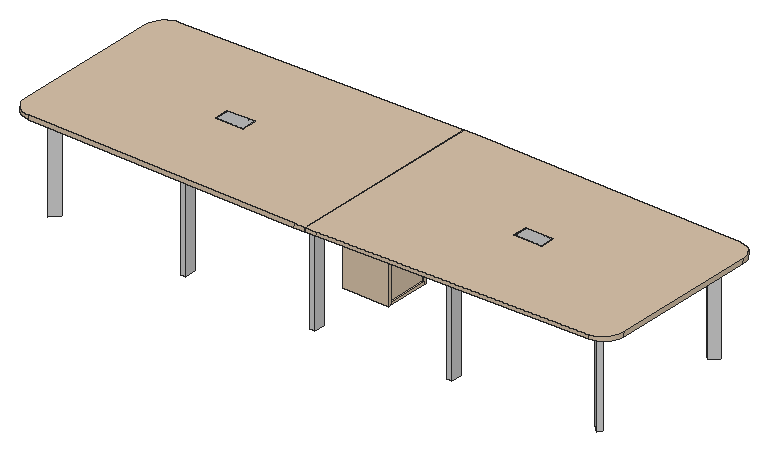
Revit family "Haworth_Planes_ConferenceTable_HexagonTwoPiece", category Furniture Systems, Revit 2018
Family settings
  Round Connector Dimension = Use Diameter
  Part Type = Normal
  OmniClass Number = 23.40.70.14.64.21
  OmniClass Title = Systems Furniture
  Work Plane-Based = No
  Always vertical = Yes
  Cut with Voids When Loaded = No
  Shared = No
  Room Calculation Point = No
Parameters (values of type "180w 60d")
  Worksurface Finish [instance] = Haworth _ Laminate _ Maple H-AE
  Worksurface Edge Finish [instance] = Haworth _ Laminate _ Maple H-AE
  Width = 180"
  Warranty = "http://www.haworth.com/resources/product-info/warranties"
  URL - Product = "http://www.haworth.com/products/tables/conference/planes"
  Sustainability Info = "http://media.haworth.com/asset/5175/Planes%20tables%20PEDS.pdf"
  Support Location_Middle = Actual Width / 4 - 5"  # 40"
  Support Location_Front_Back = 6 11/16"  # constant formula
  Opening Single Wide = no
  Opening Single = not(or(Opening Single Wide, Opening Double, Opening Double Wide))  # yes
  Opening Left/Right = not(Opening Center)  # no
  Opening Double Wide = no
  Opening Double = no
  Opening Center = yes
  No Cable Base = not(Cable Base)  # no
  Model = "TARX"  # constant formula
  Min. Depth = 42"  # constant formula
  Middle Leg_Interior = Actual Width > 144"  # yes
  Max. Depth = 60"  # constant formula
  URL = "www.haworth.com"
  Support Height = Actual Height - Table Thickness  # 27 13/16"
  Size = "Verify Final Dim. w/ Haworth"  # constant formula
  Revision Number = "1"  # constant formula
  Min/Max Width = "126-180 @ 6 in. increments"  # constant formula
  Standard Height = "29 in."  # constant formula
  Min. Width = 126"  # constant formula
  Max. Width = 180"  # constant formula
  Min. Height = 29"  # constant formula
  Max. Height = 29"  # constant formula
  Manufacturer = "Haworth"  # constant formula
  Support Location_Side = 8 1/16"  # constant formula
  Leg Finish [instance] = Haworth _ Metal _ Brushed Aluminum
  Knife Edge = not(Edgeband)  # no
  Half Width = Actual Width / 2  # 90"
  Fliptop Width = Cutout Width + 1/4"  # 8 1/4"
  Fliptop Side Vis. = and(Flip Top, [Opening Left/Right])  # no
  Fliptop Depth = Cutout Depth + 3/8"  # 4 3/8"
  Fliptop Center Vis. = and(Flip Top, Opening Center)  # yes
  Flip Top Finish = Haworth _ Paint _ Metallic Champagne
  Flip Top = yes
  Edgeband = yes
  Description = "Haworth - Planes - Conference Table Hexagon - Two-Piece"  # constant formula
  Depth = 60"
  Cutout Width = if(or(Opening Single Wide, Opening Double Wide), 11", 8")  # 8"
  Cutout Side Offset = Actual Width / 8  # 22 1/2"
  Cutout Depth = if(or(Opening Double, Opening Double Wide), 7 11/16", 4")  # 4"
  Cutout Center Offset = Actual Width / 4  # 45"
  Cutout = yes
  Custom Size = not(and(or(Depth = 42", Depth = 48", Depth = 54", Depth = 60"), or(Width = 126", Width = 132", Width = 138", Width = 144", Width = 150", Width = 156", Width = 162", Width = 168", Width = 174", Width = 180")))  # no
  Cable Base Finish [instance] = Haworth _ Laminate _ Maple H-AE
  Cable Base = yes
  Author = "Haworth (Alias)"  # constant formula
  Assembly Code = "E2020200"
  Actual Width = if(Width > Max. Width, Max. Width, if(Width < Min. Width, Min. Width, Width))  # 180"
  Actual Height = 29"  # constant formula
  Table Thickness = 1 3/16"  # constant formula
  Standard Depths = "42, 48, 54, 60 in."  # constant formula
  Actual Depth = if(Depth > Max. Depth, Max. Depth, if(Depth < Min. Depth, Min. Depth, Depth))  # 60"
Reference planes (in)
  plane 1 "Center F/B": y = -0.15866
  plane 2 "Floor": z = 0
  plane 3 "Center L/R": x = 0
  plane 4 "Table Edge Left": x = -90
  plane 5 "Table Edge Right": x = 90
  plane 6 "Table Edge Back": y = -30.15866
  plane 7 "Table Edge Front": y = 29.84134
  plane 8 "Table Bottom": z = 29
  plane 9 "Left Support Location": x = -81.9375
  plane 10 "Back Support Location": y = 23.15384
  plane 11 "Front Support Location": y = -23.47116
  plane 12 "Right Support Location": x = 81.9375
  plane 13 "Left Middle Support": x = -40
  plane 14 "Right Middle Support": x = 40
  plane 15 "Center Leg Front": y = -27.22116
  plane 16 "Center Leg Back": y = 26.90384
  plane 17 "Middle Leg Front": y = -25.72116
  plane 18 "Middle Leg Back": y = 25.40384
  plane 19 "Fliptop Left 2": x = -22.5
  plane 20 "Fliptop Center 1": x = -45
  plane 21 "Fliptop Left 1": x = -67.5
  plane 22 "Fliptop Right 2": x = 22.5
  plane 23 "Fliptop Center 2": x = 45
  plane 24 "Fliptop Right 1": x = 67.5
Dimensions and locks (in)
  "Actual Depth": plane 7 "Table Edge Front" to plane 6 "Table Edge Back"
  "Actual Width": plane 4 "Table Edge Left" to plane 5 "Table Edge Right"
  equal spacing: plane 4 "Table Edge Left", plane 3 "Center L/R", plane 5 "Table Edge Right"
  equal spacing: plane 7 "Table Edge Front", plane 1 "Center F/B", plane 6 "Table Edge Back"
  "Actual Height": plane 8 "Table Bottom" to level
  "Support Location_Side": plane 4 "Table Edge Left" to plane 9 "Left Support Location"
  "Support Location_Side": plane 12 "Right Support Location" to plane 5 "Table Edge Right"
  "Support Location_Front_Back": plane 7 "Table Edge Front" to plane 10 "Back Support Location"
  "Support Location_Front_Back": plane 11 "Front Support Location" to plane 6 "Table Edge Back"
  "Support Location_Middle": plane 13 "Left Middle Support" to plane 3 "Center L/R"
  "Support Location_Middle": plane 3 "Center L/R" to plane 14 "Right Middle Support"
  locked: plane 15 "Center Leg Front" to plane 6 "Table Edge Back" at 2.9375
  locked: plane 16 "Center Leg Back" to plane 7 "Table Edge Front" at 2.9375
  locked: plane 17 "Middle Leg Front" to plane 6 "Table Edge Back" at 4.4375
  locked: plane 18 "Middle Leg Back" to plane 7 "Table Edge Front" at 4.4375
  "Cutout Side Offset": plane 19 "Fliptop Left 2" to plane 3 "Center L/R"
  "Cutout Side Offset": plane 3 "Center L/R" to plane 22 "Fliptop Right 2"
  "Cutout Side Offset": plane 24 "Fliptop Right 1" to plane 5 "Table Edge Right"
  "Cutout Side Offset": plane 4 "Table Edge Left" to plane 21 "Fliptop Left 1"
  "Cutout Center Offset": plane 20 "Fliptop Center 1" to plane 3 "Center L/R"
  "Cutout Center Offset": plane 3 "Center L/R" to plane 23 "Fliptop Center 2"
  aligned and locked: plane 9 "Left Support Location" to nested 1
  aligned and locked: plane 12 "Right Support Location" to nested 4
  aligned and locked: plane 12 "Right Support Location" to nested 3
  aligned and locked: plane 3 "Center L/R" to nested 5
  aligned and locked: plane 3 "Center L/R" to nested 6
  aligned and locked: nested 9 to plane 14 "Right Middle Support"
  aligned and locked: nested 8 to plane 14 "Right Middle Support"
  aligned and locked: plane 13 "Left Middle Support" to nested 7
  aligned and locked: plane 13 "Left Middle Support" to nested 10
  aligned and locked: plane 3 "Center L/R" to nested 11
  aligned and locked: nested 10 to plane 17 "Middle Leg Front"
  aligned and locked: nested 7 to plane 18 "Middle Leg Back"
  aligned and locked: nested 8 to plane 18 "Middle Leg Back"
  aligned and locked: nested 9 to plane 17 "Middle Leg Front"
  aligned and locked: plane 15 "Center Leg Front" to nested 6
  aligned and locked: nested 5 to plane 16 "Center Leg Back"
  aligned and locked: plane 11 "Front Support Location" to nested 2
  aligned and locked: plane 9 "Left Support Location" to nested 2
  aligned and locked: plane 10 "Back Support Location" to nested 1
  aligned and locked: nested 3 to plane 10 "Back Support Location"
  aligned and locked: nested 4 to plane 11 "Front Support Location"
  aligned and locked: plane 2 "Floor" to nested 12
  aligned and locked: nested 2 to plane 2 "Floor"
  aligned and locked: plane 2 "Floor" to nested 1  (x3)
  aligned and locked: plane 2 "Floor" to nested 2  (x2)
  aligned and locked: plane 2 "Floor" to nested 10  (x2)
  aligned and locked: plane 2 "Floor" to nested 7  (x2)
  aligned and locked: plane 2 "Floor" to nested 5
  aligned and locked: nested 6 to plane 2 "Floor"
  aligned and locked: nested 11 to plane 2 "Floor"
  aligned and locked: plane 3 "Center L/R" to nested 12
  aligned and locked: plane 1 "Center F/B" to nested 12
  aligned and locked: plane 21 "Fliptop Left 1" to nested 16
  aligned and locked: plane 1 "Center F/B" to nested 16
  aligned and locked: plane 1 "Center F/B" to nested 15
  aligned and locked: plane 1 "Center F/B" to nested 14
  aligned and locked: plane 1 "Center F/B" to nested 17
  aligned and locked: plane 1 "Center F/B" to nested 13
  aligned and locked: plane 1 "Center F/B" to nested 18
  aligned and locked: plane 20 "Fliptop Center 1" to nested 18
  aligned and locked: plane 23 "Fliptop Center 2" to nested 17
  aligned and locked: plane 24 "Fliptop Right 1" to nested 13
  aligned and locked: plane 22 "Fliptop Right 2" to nested 14
  aligned and locked: plane 19 "Fliptop Left 2" to nested 15
  aligned and locked: plane 2 "Floor" to nested 9  (x2)
  aligned and locked: plane 2 "Floor" to nested 8  (x2)
  aligned and locked: plane 2 "Floor" to nested 4  (x3)
  aligned and locked: nested 3 to plane 2 "Floor"
  aligned and locked: plane 2 "Floor" to nested 3  (x2)
Nested families (in)
  nested 1: "Haworth_Worksurface-Support_Part-Leg" at (-73.4375, 42.76815, 0) x (-1, 0, 0) z (0, 0, 1), type "Support"
  nested 2: "Haworth_Worksurface-Support_Part-Leg" at (-90.4375, -0.60685, 0), type "Support"
  nested 3: "Haworth_Worksurface-Support_Part-Leg" at (90.4375, 0.28953, 0) x (-1, 0, 0) z (0, 0, 1), type "Support"
  nested 4: "Haworth_Worksurface-Support_Part-Leg" at (90.4375, -0.60685, 0) x (-1, 0, 0) z (0, 0, 1), type "Support"
  nested 5: "Haworth_Worksurface-Support_Part-Leg" at (8.5, 46.51815, 0) x (-1, 0, 0) z (0, 0, 1), type "Middle Support"
  nested 6: "Haworth_Worksurface-Support_Part-Leg" at (-8.5, -4.35685, 0), type "Middle Support"
  nested 7: "Haworth_Worksurface-Support_Part-Leg" at (-31.5, 45.01815, 0) x (-1, 0, 0) z (0, 0, 1), visible <- "Middle Leg_Interior", type "Middle Support"
  nested 8: "Haworth_Worksurface-Support_Part-Leg" at (48.5, 45.01815, 0) x (-1, 0, 0) z (0, 0, 1), visible <- "Middle Leg_Interior", type "Middle Support"
  nested 9: "Haworth_Worksurface-Support_Part-Leg" at (48.5, -2.85685, 0) x (-1, 0, 0) z (0, 0, 1), visible <- "Middle Leg_Interior", type "Middle Support"
  nested 10: "Haworth_Worksurface-Support_Part-Leg" at (-31.5, -2.85685, 0) x (-1, 0, 0) z (0, 0, 1), visible <- "Middle Leg_Interior", type "Middle Support"
  nested 11: "Haworth_Planes-Cable_Base" at (0, -3.78366, 0), visible <- "Cable Base", type "14" x 14""
  nested 12: "Haworth_Planes_Conference_Worksurface_HexagonTwoPiece_Part" at (0, -15.15866, 0), type "Worksurface"
    with Opening Side Vis. no, Opening Left/Right no, Knife Edge no, Cutout Side Dimension 1"
  nested 13: "Haworth_Worksurface_FlipTop_Unit_Part" at (66.92963, -0.21114, 29), built-in parameter 1001364 <- "Actual Height", visible <- "Fliptop Side Vis.", type "Flip Top"
  nested 14: "Haworth_Worksurface_FlipTop_Unit_Part" at (21.92963, -0.21114, 29), built-in parameter 1001364 <- "Actual Height", visible <- "Fliptop Side Vis.", type "Flip Top"
  nested 15: "Haworth_Worksurface_FlipTop_Unit_Part" at (-23.07037, -0.21114, 29), built-in parameter 1001364 <- "Actual Height", visible <- "Fliptop Side Vis.", type "Flip Top"
  nested 16: "Haworth_Worksurface_FlipTop_Unit_Part" at (-68.07037, -0.21114, 29), built-in parameter 1001364 <- "Actual Height", visible <- "Fliptop Side Vis.", type "Flip Top"
  nested 17: "Haworth_Worksurface_FlipTop_Unit_Part" at (44.42963, -0.21114, 29), built-in parameter 1001364 <- "Actual Height", visible <- "Fliptop Center Vis.", type "Flip Top"
  nested 18: "Haworth_Worksurface_FlipTop_Unit_Part" at (-45.57037, -0.21114, 29), built-in parameter 1001364 <- "Actual Height", visible <- "Fliptop Center Vis.", type "Flip Top"
Definition of nested family "Haworth_Worksurface-Support_Part-Leg"
  Parameters (values of type "Support")
    Top Thickness = 1 3/16"
    Support Post Standard = no
    Support Post 45 Degree = yes
    Support Height = Actual Height - Top Thickness  # 27 13/16"
    Model = "Worksurface"
    Worksurface Height = 29"
    Warranty = "www.haworth.com/en-us/Products/Pages/Certifications.aspx"
    URL - Product = "www.haworth.com/en-us/Products/Furniture/Systems/Desking-Systems/Pages/Compose.aspx"
    URL = "www.haworth.com"
    Sustainability Info = "www.haworth.com/en-us/About-Us/Sustainability/Pages/Vision.aspx"
    Support Finish = none
    Size = "Verify Final Dim. w/ Haworth"  # constant formula
    Revision Number = "1"  # constant formula
    Min/Max Height = "26-32 in."  # constant formula
    Min. Height = 20"  # constant formula
    Max. Height = 48"  # constant formula
    Manufacturer = "Haworth"  # constant formula
    LEED Data = "www.haworth.com/_layouts/Haworth.ProductCatalog/Handlers/GetAsset.ashx/ComposeLEEDContributions.pdf?cid=27&rid=1824&type=Leed"
    Description = "Worksurface Support"  # constant formula
    Author = "SHAPE Environments, LLC"  # constant formula
    Assembly Code = "E2020200"
    Actual Top Thickness = if(Top Thickness > 3", 3", if(Top Thickness < 1", 1", Top Thickness))  # 1 3/16"
    Actual Height = 29"
  Types (2): name | Support Post Standard | Support Post 45 Degree
    Support | no | yes
    Middle Support | yes | no
  Reference planes (in)
    plane 1: z = 0
    plane 2 "Center L/R": x = 8.5
    plane 3 "Support Top": z = 27.8125
    plane 4 "Center F/B": y = -21.23931
    plane 5: through (9.11872, -19.55993, 48) normal (0.7071, 0.7071, 0)
    plane 6: through (6.82062, -21.85803, 48) normal (0.7071, 0.7071, 0)
    plane 7: y = -22.86431
    plane 8: y = -19.61431
  Forms (in)
    Extrusion 1, solid, material <- "Support Finish", visible <- "Support Post Standard"
      sketch origin (0, 0, 0) x (1, 0, 0) y (0, 1, 0)
        loop
          line (7.75, -22.86431) -> (9.25, -22.86431) -> (9.25, -19.61431) -> (7.75, -19.61431) -> (7.75, -22.86431)
      from 0 to 27.8125
    Extrusion 2, solid, material <- "Support Finish", visible <- "Support Post 45 Degree"
      sketch origin (17.50805, -0.21044, 0) x (0.707107, -0.707107, 0) y (0.707107, 0.707107, 0)
        loop
          line (7.75, -22.86431) -> (9.25, -22.86431) -> (9.25, -19.61431) -> (7.75, -19.61431) -> (7.75, -22.86431)
      from 0 to 27.8125
  Lines and regions (in)
    symbolic lines, visible <- "Support Post Standard", detail levels fine
      curve 1: line (7.75, -19.61431, 0) -> (9.25, -19.61431, 0)
      curve 2: line (7.75, -22.86431, 0) -> (7.75, -19.61431, 0)
      curve 3: line (9.25, -22.86431, 0) -> (7.75, -22.86431, 0)
      curve 4: line (9.25, -19.61431, 0) -> (9.25, -22.86431, 0)
    symbolic lines, visible <- "Support Post 45 Degree", detail levels fine
      curve 5: line (6.82062, -21.85803, 0) -> (9.11872, -19.55993, 0)
      curve 6: line (9.11872, -19.55993, 0) -> (10.17938, -20.62059, 0)
      curve 7: line (10.17938, -20.62059, 0) -> (7.88128, -22.91869, 0)
      curve 8: line (7.88128, -22.91869, 0) -> (6.82062, -21.85803, 0)
  Dimensions and locks (in)
    "Support Height": plane 3 "Support Top" to level
    aligned and locked: plane 3 "Support Top" to Extrusion 1
    aligned and locked: plane 3 "Support Top" to Extrusion 2
  Automatic sketch dimensions
    Extrusion 1 sketch curve to plane 4 "Center F/B" = 1 5/8"
    plane 2 "Center L/R" to Extrusion 1 sketch curve = 3/4"
    Extrusion 1 sketch curve to plane 2 "Center L/R" = 3/4"
    plane 4 "Center F/B" to Extrusion 1 sketch curve = 1 5/8"
    plane 2 "Center L/R" to Extrusion 2 sketch curve = 0.61872"
    Extrusion 2 sketch curve to plane 4 "Center F/B" = 1.67938"
    Extrusion 2 sketch curve to Extrusion 2 sketch curve = 1 1/2"
    Extrusion 2 sketch curve to Extrusion 2 sketch curve = 3 1/4"
    plane 4 "Center F/B" to curve 5 = 0.61872"
    curve 2 to plane 2 "Center L/R" = 3/4"
    curve 2 to curve 7 = 0.13128"
    plane 2 "Center L/R" to curve 6 = 0.61872"
    curve 5 to curve 4 = 0.13128"
    curve 6 to plane 4 "Center F/B" = 0.61872"
    curve 1 to curve 6 = 0.92938"
    curve 7 to curve 2 = 0.05438"
    curve 1 to curve 5 = 0.05438"
Definition of nested family "Haworth_Planes-Cable_Base"
  Parameters
    Warranty = "www.haworth.com/en-us/Products/Pages/Certifications.aspx"
    URL - Product = "www.haworth.com/en-us/Products/Furniture/Tables/Conference-Ancillary/Pages/Planes.aspx"
    URL = "www.haworth.com"
    Sustainability Info = "www.haworth.com/en-us/About-Us/Sustainability/Pages/Vision.aspx"
    Size = "Verify Final Dim. w/ Haworth"  # constant formula
    Revision Number = "2"  # constant formula
    Model = "Haworth_Planes-Cable_Base"  # constant formula
    Min. Height = 28"  # constant formula
    Max. Height = 28"  # constant formula
    Manufacturer = "Haworth"  # constant formula
    LEED Data = "www.haworth.com/_layouts/Haworth.ProductCatalog/Handlers/GetAsset.ashx/PlanesLEEDContributions.pdf?cid=187&rid=1508&type=Leed"
    Description = "Haworth_Planes-Cable_Base"
    Base Finish = none
    Author = "SHAPE Environments, LLC"  # constant formula
    Assembly Code = "E2020200"
    Actual Width = 14"  # constant formula
    Actual Height = 28"  # constant formula
    Actual Depth = if([8 x 14], 8", 14")  # 14"
    8 x 14 = not([14 x 14])  # no
    14 x 14 = yes
  Reference planes (in)
    plane 1 "Center F/B": y = 3.625
    plane 2: z = 0
    plane 3 "Center L/R": x = 0
    plane 4 "Left": x = -7
    plane 5 "Right": x = 7
    plane 6 "Front": y = -3.375
    plane 7 "Top": z = 28
    plane 8 "Back": y = 10.625
    plane 9: y = 9.875
    plane 10: x = 6.25
    plane 11: x = -6.25
    plane 12: y = -2.625
    plane 13: z = 27.25
  Forms (in)
    Extrusion 1, solid, material <- "Base Finish"
      sketch origin (0, 0, 0) x (1, 0, 0) y (0, 1, 0)
        loop
          line (-7, 10.625) -> (-7, 9.875) -> (7, 9.875) -> (7, 10.625) -> (-7, 10.625)
        loop
          line (-7, -2.625) -> (-7, -3.375) -> (7, -3.375) -> (7, -2.625) -> (-7, -2.625)
      from 0 to 28
    Extrusion 2, solid, material <- "Base Finish"
      sketch origin (0, 0, 0) x (1, 0, 0) y (0, 1, 0)
        loop
          line (-6.25, 9.875) -> (-6.25, -2.625) -> (-5.5, -2.625) -> (-5.5, 9.875) -> (-6.25, 9.875)
        loop
          line (6.25, 9.875) -> (5.5, 9.875) -> (5.5, -2.625) -> (6.25, -2.625) -> (6.25, 9.875)
      from 0 to 27.25
    Extrusion 3, solid, material <- "Base Finish"
      sketch origin (0, 0, 0) x (1, 0, 0) y (0, 1, 0)
        loop
          line (-7, 9.875) -> (-7, -2.625) -> (7, -2.625) -> (7, 9.875) -> (-7, 9.875)
        loop
          line (-4, 7.625) -> (-4, -0.375) -> (4, -0.375) -> (4, 7.625) -> (-4, 7.625)
      from 0 to 0.75
  Cuts and joins
    joined: Extrusion 2, Extrusion 3
  Lines and regions (in)
    Masking region 1, detail levels fine
      outline origin (0, 0, 0) x (1, 0, 0) y (0, 1, 0)
        loop
          line (-7, 10.625) -> (-7, -3.375) -> (7, -3.375) -> (7, 10.625) -> (-7, 10.625)
        loop
          line (-4, 7.625) -> (-4, -0.375) -> (4, -0.375) -> (4, 7.625) -> (-4, 7.625)
  Dimensions and locks (in)
    equal spacing: plane 8 "Back", plane 1 "Center F/B", plane 6 "Front"
    "Actual Depth": plane 8 "Back" to plane 6 "Front"
    equal spacing: plane 4 "Left", plane 3 "Center L/R", plane 5 "Right"
    "Actual Width": plane 4 "Left" to plane 5 "Right"
    "Actual Height": plane 7 "Top" to level
    locked: plane 4 "Left" to plane 11 at 0.75
    locked: plane 10 to plane 5 "Right" at 0.75
    locked: plane 8 "Back" to plane 9 at 0.75
    locked: plane 12 to plane 6 "Front" at 0.75
    locked: plane 7 "Top" to plane 13 at 0.75
    Extrusion 2 sketch curve to plane 10 = 3/4"
    plane 11 to Extrusion 2 sketch curve = 3/4"
    Extrusion 3 sketch curve to plane 6 "Front" = 3"
    Extrusion 3 sketch curve to plane 8 "Back" = 3"
    plane 4 "Left" to Extrusion 3 sketch curve = 3"
    Extrusion 3 sketch curve to plane 5 "Right" = 3"
    aligned and locked: plane 4 "Left" to Extrusion 1 sketch curve  (x2)
    aligned and locked: Extrusion 1 sketch curve to plane 8 "Back"
    aligned and locked: plane 9 to Extrusion 1 sketch curve
    aligned and locked: plane 5 "Right" to Extrusion 1 sketch curve  (x2)
    aligned and locked: plane 6 "Front" to Extrusion 1 sketch curve
    aligned and locked: Extrusion 1 sketch curve to plane 12
    aligned and locked: plane 7 "Top" to Extrusion 1
    aligned and locked: plane 11 to Extrusion 2 sketch curve
    aligned and locked: Extrusion 2 sketch curve to plane 9
    aligned and locked: plane 12 to Extrusion 2 sketch curve  (x2)
    aligned and locked: plane 10 to Extrusion 2 sketch curve
    aligned and locked: plane 9 to Extrusion 2 sketch curve
    aligned and locked: plane 13 to Extrusion 2
    aligned and locked: Extrusion 1 to Extrusion 3 sketch curve
    aligned and locked: Extrusion 3 sketch curve to Extrusion 1
    aligned and locked: Masking region 1 sketch curve to Extrusion 3  (x5)
    aligned and locked: Masking region 1 sketch curve to Extrusion 1
    aligned and locked: Extrusion 1 to Masking region 1 sketch curve
    aligned and locked: Extrusion 3 to Masking region 1 sketch curve
    aligned and locked: plane 12 to Extrusion 3 sketch curve
    aligned and locked: Extrusion 3 sketch curve to plane 9
Definition of nested family "Haworth_Planes_Conference_Worksurface_HexagonTwoPiece_Part"
  Parameters (values of type "Worksurface")
    Warranty = "https://www.haworth.com/resources/product-info/warranties"
    URL - Product = "https://www.haworth.com/products/tables/conference/planes"
    URL = "www.haworth.com"
    Table Thickness = 1 3/16"  # constant formula
    Table Finish = none
    Table Edge Finish = none
    Side Cutout Offset = Actual Width / 8  # 22 1/2"
    Revision Number = ""
    Opening Side Vis. = and(Cutout, [Opening Left/Right])  # yes
    Opening Left/Right = yes
    Opening Center Vis. = and(Cutout, Opening Center)  # yes
    Opening Center = yes
    Note = "Verify Final Dim. w/ Haworth"  # constant formula
    Model = "TARX"  # constant formula
    Manufacturer = "Haworth"  # constant formula
    Knife Edge = yes
    Edgeband = yes
    Description = "Haworth - Planes Conference Worksurface - Part"
    Cutout Width = 8"
    Cutout Side Dimension = if(and(Cutout, [Opening Left/Right]), 3", 1")  # 3"
    Cutout Center Dimension = if(and(Cutout, Opening Center), 3", 1")  # 3"
    Cutout Depth = 4"
    Cutout = yes
    Center Cutout Offset = Actual Width / 4  # 45"
    Author = "Haworth (Alias)"  # constant formula
    Assembly Code = ""
    Actual Width = 180"
    Actual Height = 29"
    Actual Depth = 60"
  Reference planes (in)
    plane 1 "Center F/B": y = 15
    plane 2 "Bottom": z = 0
    plane 3 "Center L/R": x = 0
    plane 4 "Table Front": y = 45
    plane 5 "Table Right": x = 90
    plane 6 "Table Left": x = -90
    plane 7 "Table Back": y = -15
    plane 8 "Table Top": z = 29
    plane 9 "Table Bottom": z = 27.8125
    plane 10 "Cutout Top": z = 30
    plane 11 "Cutout Center Bottom": z = 27
    plane 12 "KnifeEdge Middle": z = 28.625
    plane 13 "Cutout Center": x = -45
    plane 14 "Cutout Left 1": x = -67.5
    plane 15 "Cutout Left 2": x = -22.5
    plane 16 "Cutout Right 2": x = 22.5
    plane 17 "Cutout Center 2": x = 45
    plane 18 "Cutout Right 1": x = 67.5
    plane 19 "Cutout Side Bottom": z = 27
  Forms (in)
    Extrusion 1, solid, material <- "Table Finish", visible <- "Edgeband"
      sketch origin (0, 0, 0) x (1, 0, 0) y (0, 1, 0)
        loop
          line (90, -7.45259) -> (90, 37.45259)
          arc (90, 37.45259) -> (88.3202, 41.61623) -> (84.22137, 43.44851) r 6
          line (84.22137, 43.44851) -> (3.27451, 44.91058)
          arc (3.27451, 44.91058) -> (1.63787, 44.97764) -> (0, 45) r 60
          line (0, 45) -> (0, -15)
          arc (0, -15) -> (1.63787, -14.97764) -> (3.27451, -14.91058) r 60
          line (3.27451, -14.91058) -> (84.22137, -13.44851)
          arc (84.22137, -13.44851) -> (88.3202, -11.61623) -> (90, -7.45259) r 6
      from 27.8125 to 29
    Extrusion 2, void
      sketch origin (0, 0, 29) x (-1, 0, 0) y (0, -1, 0)
        loop
          line (49, -17) -> (49, -13) -> (41, -13) -> (41, -17) -> (49, -17)
        loop
          line (-41, -17) -> (-41, -13) -> (-49, -13) -> (-49, -17) -> (-41, -17)
      from -2 to 1
    Extrusion 3, solid, material <- "Table Finish", visible <- "Knife Edge"
      sketch origin (0, 0, 0) x (1, 0, 0) y (0, 1, 0)
        loop
          line (90, -7.45259) -> (90, 37.45259)
          arc (90, 37.45259) -> (88.3202, 41.61623) -> (84.22137, 43.44851) r 6
          line (84.22137, 43.44851) -> (3.27451, 44.91058)
          arc (3.27451, 44.91058) -> (1.63787, 44.97764) -> (0, 45) r 60
          line (0, 45) -> (0, -15)
          arc (0, -15) -> (1.63787, -14.97764) -> (3.27451, -14.91058) r 60
          line (3.27451, -14.91058) -> (84.22137, -13.44851)
          arc (84.22137, -13.44851) -> (88.3202, -11.61623) -> (90, -7.45259) r 6
      from 28.625 to 29
    Blend 4, solid, material <- "Table Finish", visible <- "Knife Edge"
      base sketch origin (0, 0, 0) x (1, 0, 0) y (0, 1, 0)
        loop
          arc (0, -12.97661) -> (1.6121, -12.95419) -> (3.22295, -12.88695) r 57.97661
          line (3.22295, -12.88695) -> (84.29226, -11.44453)
          arc (84.29226, -11.44453) -> (86.92994, -10.17836) -> (88, -7.45522) r 4
          line (88, -7.45522) -> (88, 37.45522)
          arc (88, 37.45522) -> (86.92994, 40.17836) -> (84.29226, 41.44453) r 4
          line (84.29226, 41.44453) -> (3.22295, 42.88695)
          arc (3.22295, 42.88695) -> (1.6121, 42.95419) -> (0, 42.97661) r 57.97661
          line (0, 42.97661) -> (0, -12.97661)
      top sketch origin (0, 0, 0) x (1, 0, 0) y (0, 1, 0)
        loop
          arc (90, 37.45522) -> (88.3813, 41.55451) -> (84.3986, 43.44196) r 6
          line (84.3986, 43.44196) -> (3.27593, 44.9105)
          arc (3.27593, 44.9105) -> (1.63858, 44.97762) -> (0, 45) r 60
          line (0, 45) -> (0, -15)
          arc (0, -15) -> (1.63858, -14.97762) -> (3.27593, -14.9105) r 60
          line (3.27593, -14.9105) -> (84.3986, -13.44196)
          arc (84.3986, -13.44196) -> (88.3813, -11.55451) -> (90, -7.45522) r 6
          line (90, -7.45522) -> (90, 37.45522)
      from 27.8125 to 28.625
    Extrusion 5, solid, material <- "Table Finish", visible <- "Edgeband"
      sketch origin (0, 0, 0) x (1, 0, 0) y (0, 1, 0)
        loop
          line (-90, 37.45259) -> (-90, -7.45259)
          arc (-90, -7.45259) -> (-88.3202, -11.61623) -> (-84.22137, -13.44851) r 6
          line (-84.22137, -13.44851) -> (-3.27451, -14.91058)
          arc (-3.27451, -14.91058) -> (-1.63787, -14.97764) -> (0, -15) r 60
          line (0, -15) -> (0, 45)
          arc (0, 45) -> (-1.63787, 44.97764) -> (-3.27451, 44.91058) r 60
          line (-3.27451, 44.91058) -> (-84.22137, 43.44851)
          arc (-84.22137, 43.44851) -> (-88.3202, 41.61623) -> (-90, 37.45259) r 6
      from 27.8125 to 29
    Extrusion 6, solid, material <- "Table Finish", visible <- "Knife Edge"
      sketch origin (0, 0, 0) x (1, 0, 0) y (0, 1, 0)
        loop
          line (-90, 37.45259) -> (-90, -7.45259)
          arc (-90, -7.45259) -> (-88.3202, -11.61623) -> (-84.22137, -13.44851) r 6
          line (-84.22137, -13.44851) -> (-3.27451, -14.91058)
          arc (-3.27451, -14.91058) -> (-1.63787, -14.97764) -> (0, -15) r 60
          line (0, -15) -> (0, 45)
          arc (0, 45) -> (-1.63787, 44.97764) -> (-3.27451, 44.91058) r 60
          line (-3.27451, 44.91058) -> (-84.22137, 43.44851)
          arc (-84.22137, 43.44851) -> (-88.3202, 41.61623) -> (-90, 37.45259) r 6
      from 28.625 to 29
    Blend 7, solid, material <- "Table Finish", visible <- "Knife Edge"
      base sketch origin (0, 0, 0) x (1, 0, 0) y (0, 1, 0)
        loop
          line (-3.22295, 42.88695) -> (-84.29226, 41.44453)
          arc (-84.29226, 41.44453) -> (-86.92994, 40.17836) -> (-88, 37.45522) r 4
          line (-88, 37.45522) -> (-88, -7.45522)
          arc (-88, -7.45522) -> (-86.92994, -10.17836) -> (-84.29226, -11.44453) r 4
          line (-84.29226, -11.44453) -> (-3.22295, -12.88695)
          arc (-3.22295, -12.88695) -> (-1.6121, -12.95419) -> (0, -12.97661) r 57.97661
          line (0, -12.97661) -> (0, 42.97661)
          arc (0, 42.97661) -> (-1.6121, 42.95419) -> (-3.22295, 42.88695) r 57.97661
      top sketch origin (0, 0, 0) x (1, 0, 0) y (0, 1, 0)
        loop
          arc (0, 45) -> (-1.63858, 44.97762) -> (-3.27593, 44.9105) r 60
          line (-3.27593, 44.9105) -> (-84.3986, 43.44196)
          arc (-84.3986, 43.44196) -> (-88.3813, 41.55451) -> (-90, 37.45522) r 6
          line (-90, 37.45522) -> (-90, -7.45522)
          arc (-90, -7.45522) -> (-88.3813, -11.55451) -> (-84.3986, -13.44196) r 6
          line (-84.3986, -13.44196) -> (-3.27593, -14.9105)
          arc (-3.27593, -14.9105) -> (-1.63858, -14.97762) -> (0, -15) r 60
          line (0, -15) -> (0, 45)
      from 27.8125 to 28.625
    Extrusion 8, void
      sketch origin (0, 0, 0) x (1, 0, 0) y (0, 1, 0)
        loop
          line (-71.5, 17) -> (-71.5, 13) -> (-63.5, 13) -> (-63.5, 17) -> (-71.5, 17)
        loop
          line (-26.5, 17) -> (-26.5, 13) -> (-18.5, 13) -> (-18.5, 17) -> (-26.5, 17)
        loop
          line (18.5, 17) -> (18.5, 13) -> (26.5, 13) -> (26.5, 17) -> (18.5, 17)
        loop
          line (63.5, 17) -> (63.5, 13) -> (71.5, 13) -> (71.5, 17) -> (63.5, 17)
      from 27 to 30
  Cuts and joins
    Extrusion 2, Extrusion 8 cuts Extrusion 1
    Extrusion 2, Extrusion 8 cuts Extrusion 3
    Extrusion 2, Extrusion 8 cuts Blend 4
    Extrusion 2, Extrusion 8 cuts Extrusion 6
    Extrusion 2, Extrusion 8 cuts Extrusion 5
    Extrusion 2, Extrusion 8 cuts Blend 7
  Lines and regions (in)
    Masking region 1
      outline origin (0, 0, 0) x (1, 0, 0) y (0, 1, 0)
        loop
          line (-1.99299, 44.93373) -> (-84.3986, 43.44196)
          arc (-84.3986, 43.44196) -> (-88.3813, 41.55451) -> (-90, 37.45522) r 6
          line (-90, 37.45522) -> (-90, -7.45522)
          arc (-90, -7.45522) -> (-88.3813, -11.55451) -> (-84.3986, -13.44196) r 6
          line (-84.3986, -13.44196) -> (-1.99299, -14.93373)
          arc (-1.99299, -14.93373) -> (0, -14.96685) -> (1.99299, -14.93373) r 59.96685
          line (1.99299, -14.93373) -> (84.3986, -13.44196)
          arc (84.3986, -13.44196) -> (88.3813, -11.55451) -> (90, -7.45522) r 6
          line (90, -7.45522) -> (90, 37.45522)
          arc (90, 37.45522) -> (88.3813, 41.55451) -> (84.3986, 43.44196) r 6
          line (84.3986, 43.44196) -> (1.99299, 44.93373)
          arc (1.99299, 44.93373) -> (0, 44.96685) -> (-1.99299, 44.93373) r 59.96685
    symbolic lines, visible <- "Knife Edge", detail levels medium+fine
      curve 1: arc (-88, 37.45522, 0) -> (-86.92994, 40.17836, 0) -> (-84.29226, 41.44453, 0) r 4
      curve 2: line (-84.29226, 41.44453, 0) -> (1.16165, 42.96497, 0)
      curve 3: arc (1.16165, 42.96497, 0) -> (2.19265, 42.93513, 0) -> (3.22295, 42.88695, 0) r 57.97661
      curve 4: line (3.22295, 42.88695, 0) -> (83.84984, 41.4524, 0)
      curve 5: arc (83.84984, 41.4524, 0) -> (86.77483, 40.33624, 0) -> (88, 37.45522, 0) r 4
      curve 6: line (88, 37.45522, 0) -> (88, -7.45522, 0)
      curve 7: arc (88, -7.45522, 0) -> (86.92994, -10.17836, 0) -> (84.29226, -11.44453, 0) r 4
      curve 8: line (84.29226, -11.44453, 0) -> (-1.16165, -12.96497, 0)
      curve 9: arc (-1.16165, -12.96497, 0) -> (-2.19265, -12.93513, 0) -> (-3.22295, -12.88695, 0) r 57.97661
      curve 10: line (-3.22295, -12.88695, 0) -> (-84.29226, -11.44453, 0)
      curve 11: arc (-84.29226, -11.44453, 0) -> (-86.92994, -10.17836, 0) -> (-88, -7.45522, 0) r 4
      curve 12: line (-88, -7.45522, 0) -> (-88, 37.45522, 0)
    symbolic lines, visible <- "Opening Side Vis."
      curve 13: line (-63.5, 13, 0) -> (-71.5, 13, 0)
      curve 14: line (-71.5, 13, 0) -> (-71.5, 17, 0)
      curve 15: line (-71.5, 17, 0) -> (-63.5, 17, 0)
      curve 16: line (-63.5, 17, 0) -> (-63.5, 13, 0)
      curve 21: line (-26.5, 13, 0) -> (-26.5, 17, 0)
      curve 22: line (-26.5, 17, 0) -> (-18.5, 17, 0)
      curve 23: line (-18.5, 17, 0) -> (-18.5, 13, 0)
      curve 24: line (-18.5, 13, 0) -> (-26.5, 13, 0)
      curve 25: line (26.5, 13, 0) -> (18.5, 13, 0)
      curve 26: line (18.5, 13, 0) -> (18.5, 17, 0)
      curve 27: line (18.5, 17, 0) -> (26.5, 17, 0)
      curve 28: line (26.5, 17, 0) -> (26.5, 13, 0)
      curve 33: line (71.5, 13, 0) -> (63.5, 13, 0)
      curve 34: line (63.5, 13, 0) -> (63.5, 17, 0)
      curve 35: line (63.5, 17, 0) -> (71.5, 17, 0)
      curve 36: line (71.5, 17, 0) -> (71.5, 13, 0)
    symbolic lines, visible <- "Opening Center Vis."
      curve 17: line (-41, 13, 0) -> (-49, 13, 0)
      curve 18: line (-49, 13, 0) -> (-49, 17, 0)
      curve 19: line (-49, 17, 0) -> (-41, 17, 0)
      curve 20: line (-41, 17, 0) -> (-41, 13, 0)
      curve 29: line (49, 13, 0) -> (41, 13, 0)
      curve 30: line (41, 13, 0) -> (41, 17, 0)
      curve 31: line (41, 17, 0) -> (49, 17, 0)
      curve 32: line (49, 17, 0) -> (49, 13, 0)
    symbolic lines
      curve 37: line (0, 45, 0) -> (0, -15, 0)
  Dimensions and locks (in)
    "Actual Depth": plane 7 "Table Back" to plane 4 "Table Front"
    "Actual Width": plane 6 "Table Left" to plane 5 "Table Right"
    equal spacing: plane 6 "Table Left", plane 3 "Center L/R", plane 5 "Table Right"
    equal spacing: plane 4 "Table Front", plane 1 "Center F/B", plane 7 "Table Back"
    "Table Thickness": plane 8 "Table Top" to plane 9 "Table Bottom"
    "Actual Height": plane 8 "Table Top" to level
    "Cutout Center Dimension": plane 10 "Cutout Top" to plane 11 "Cutout Center Bottom"
    locked: plane 10 "Cutout Top" to plane 8 "Table Top" at 1
    locked: plane 8 "Table Top" to plane 12 "KnifeEdge Middle" at 0.375
    "Actual Depth": plane 7 "Table Back" to Extrusion 1 sketch curve
    "Actual Depth": plane 4 "Table Front" to Extrusion 1 sketch curve
    "Actual Depth": plane 7 "Table Back" to Masking region 1 sketch curve
    "Actual Depth": plane 4 "Table Front" to Masking region 1 sketch curve
    "Actual Depth": plane 7 "Table Back" to Extrusion 3 sketch curve
    "Actual Depth": plane 4 "Table Front" to Extrusion 3 sketch curve
    locked: Blend 4 sketch curve to plane 5 "Table Right" at 2
    "Actual Depth": plane 7 "Table Back" to Blend 4 sketch curve  (x2)
    "Actual Depth": plane 4 "Table Front" to Blend 4 sketch curve  (x2)
    "Actual Depth": plane 7 "Table Back" to Extrusion 5 sketch curve
    "Actual Depth": plane 4 "Table Front" to Extrusion 5 sketch curve
    "Actual Depth": plane 7 "Table Back" to Extrusion 6 sketch curve
    "Actual Depth": plane 4 "Table Front" to Extrusion 6 sketch curve
    "Actual Depth": plane 7 "Table Back" to Blend 7 sketch curve  (x2)
    "Actual Depth": plane 4 "Table Front" to Blend 7 sketch curve  (x2)
    locked: plane 6 "Table Left" to Blend 7 sketch curve at 2
    "Cutout Width": Extrusion 2 sketch curve to Extrusion 2 sketch curve  (x2)
    "Cutout Depth": Extrusion 2 sketch curve to Extrusion 2 sketch curve  (x2)
    equal spacing: Extrusion 2 sketch curve, plane 1 "Center F/B", Extrusion 2 sketch curve  (x2)
    equal spacing: Extrusion 2 sketch curve, plane 13 "Cutout Center", Extrusion 2 sketch curve
    equal spacing: Extrusion 2 sketch curve, plane 17 "Cutout Center 2", Extrusion 2 sketch curve
    "Center Cutout Offset": plane 13 "Cutout Center" to plane 3 "Center L/R"
    "Center Cutout Offset": plane 3 "Center L/R" to plane 17 "Cutout Center 2"
    "Side Cutout Offset": plane 15 "Cutout Left 2" to plane 3 "Center L/R"
    "Side Cutout Offset": plane 3 "Center L/R" to plane 16 "Cutout Right 2"
    "Side Cutout Offset": plane 6 "Table Left" to plane 14 "Cutout Left 1"
    "Side Cutout Offset": plane 18 "Cutout Right 1" to plane 5 "Table Right"
    "Cutout Side Dimension": plane 10 "Cutout Top" to plane 19 "Cutout Side Bottom"
    equal spacing: Extrusion 8 sketch curve, plane 1 "Center F/B", Extrusion 8 sketch curve  (x4)
    "Cutout Depth": Extrusion 8 sketch curve to Extrusion 8 sketch curve  (x4)
    equal spacing: Extrusion 8 sketch curve, plane 14 "Cutout Left 1", Extrusion 8 sketch curve
    "Cutout Width": Extrusion 8 sketch curve to Extrusion 8 sketch curve  (x4)
    equal spacing: Extrusion 8 sketch curve, plane 15 "Cutout Left 2", Extrusion 8 sketch curve
    equal spacing: Extrusion 8 sketch curve, plane 16 "Cutout Right 2", Extrusion 8 sketch curve
    equal spacing: Extrusion 8 sketch curve, plane 18 "Cutout Right 1", Extrusion 8 sketch curve
    aligned and locked: plane 8 "Table Top" to Extrusion 1
    aligned and locked: Extrusion 1 to plane 9 "Table Bottom"
    aligned and locked: Extrusion 1 sketch curve to plane 5 "Table Right"
    aligned and locked: Extrusion 2 to plane 11 "Cutout Center Bottom"
    aligned and locked: Extrusion 2 to plane 10 "Cutout Top"
    aligned and locked: Masking region 1 sketch curve to plane 6 "Table Left"
    aligned and locked: Masking region 1 sketch curve to plane 5 "Table Right"
    aligned and locked: plane 3 "Center L/R" to Masking region 1 sketch curve  (x2)
    aligned and locked: Extrusion 3 sketch curve to plane 5 "Table Right"
    aligned and locked: plane 8 "Table Top" to Extrusion 3
    aligned and locked: plane 12 "KnifeEdge Middle" to Extrusion 3
    aligned and locked: Blend 4 sketch curve to plane 5 "Table Right"
    aligned and locked: Blend 4 to plane 12 "KnifeEdge Middle"
    aligned and locked: Blend 4 to plane 9 "Table Bottom"
    aligned and locked: curve 3 to Blend 4
    aligned and locked: Blend 4 to curve 4
    aligned and locked: curve 5 to Blend 4
    aligned and locked: curve 7 to Blend 4
    aligned and locked: Blend 4 to curve 8
    aligned and locked: curve 9 to Blend 4
    aligned and locked: Extrusion 5 sketch curve to plane 6 "Table Left"
    aligned and locked: Extrusion 5 sketch curve to plane 3 "Center L/R"
    aligned and locked: Extrusion 6 sketch curve to plane 6 "Table Left"
    aligned and locked: Extrusion 6 sketch curve to plane 3 "Center L/R"
    aligned and locked: Extrusion 1 sketch curve to plane 3 "Center L/R"
    aligned and locked: Extrusion 3 sketch curve to plane 3 "Center L/R"
    aligned and locked: Blend 7 sketch curve to plane 6 "Table Left"
    aligned and locked: Blend 7 sketch curve to plane 3 "Center L/R"  (x2)
    aligned and locked: Blend 4 sketch curve to plane 3 "Center L/R"  (x2)
    aligned and locked: Extrusion 8 to plane 10 "Cutout Top"
    aligned and locked: Extrusion 8 to plane 19 "Cutout Side Bottom"
    aligned and locked: curve 13 to cut or joined group of Extrusion 2, Extrusion 5, Extrusion 8
    aligned and locked: curve 14 to cut or joined group of Extrusion 2, Extrusion 5, Extrusion 8
    aligned and locked: curve 15 to cut or joined group of Extrusion 2, Extrusion 5, Extrusion 8
    aligned and locked: curve 16 to cut or joined group of Extrusion 2, Extrusion 5, Extrusion 8
    aligned and locked: curve 17 to cut or joined group of Extrusion 2, Extrusion 5, Extrusion 8
    aligned and locked: curve 18 to cut or joined group of Extrusion 2, Extrusion 5, Extrusion 8
    aligned and locked: curve 19 to cut or joined group of Extrusion 2, Extrusion 5, Extrusion 8
    aligned and locked: curve 20 to cut or joined group of Extrusion 2, Extrusion 5, Extrusion 8
    aligned and locked: curve 21 to cut or joined group of Extrusion 2, Extrusion 5, Extrusion 8
    aligned and locked: curve 22 to cut or joined group of Extrusion 2, Extrusion 5, Extrusion 8
    aligned and locked: curve 23 to cut or joined group of Extrusion 2, Extrusion 5, Extrusion 8
    aligned and locked: curve 24 to cut or joined group of Extrusion 2, Extrusion 5, Extrusion 8
    aligned and locked: curve 25 to cut or joined group of Extrusion 2, Extrusion 3, Extrusion 8
    aligned and locked: curve 26 to cut or joined group of Extrusion 2, Extrusion 3, Extrusion 8
    aligned and locked: curve 27 to cut or joined group of Extrusion 2, Extrusion 3, Extrusion 8
    aligned and locked: curve 28 to cut or joined group of Extrusion 2, Extrusion 3, Extrusion 8
    aligned and locked: curve 29 to cut or joined group of Extrusion 2, Extrusion 3, Extrusion 8
    aligned and locked: curve 30 to cut or joined group of Extrusion 2, Extrusion 3, Extrusion 8
    aligned and locked: curve 31 to cut or joined group of Extrusion 2, Extrusion 3, Extrusion 8
    aligned and locked: curve 32 to cut or joined group of Extrusion 2, Extrusion 3, Extrusion 8
    aligned and locked: curve 33 to cut or joined group of Extrusion 2, Extrusion 3, Extrusion 8
    aligned and locked: curve 34 to cut or joined group of Extrusion 2, Extrusion 3, Extrusion 8
    aligned and locked: curve 35 to cut or joined group of Extrusion 2, Extrusion 3, Extrusion 8
    aligned and locked: curve 36 to cut or joined group of Extrusion 2, Extrusion 3, Extrusion 8
    aligned and locked: plane 3 "Center L/R" to cut or joined group of Extrusion 2, Extrusion 5, Extrusion 8
    aligned and locked: plane 8 "Table Top" to Extrusion 6
    aligned and locked: Extrusion 6 to plane 12 "KnifeEdge Middle"
    aligned and locked: plane 8 "Table Top" to Extrusion 5
    aligned and locked: Extrusion 5 to plane 9 "Table Bottom"
    aligned and locked: Blend 7 to plane 12 "KnifeEdge Middle"
    aligned and locked: Blend 7 to plane 9 "Table Bottom"
  Automatic sketch dimensions
    plane 7 "Table Back" to Extrusion 1 sketch curve = 0"
    Extrusion 1 sketch curve to plane 4 "Table Front" = 0"
    Extrusion 1 sketch curve to plane 7 "Table Back" = 0.08942"
    Extrusion 1 sketch curve to plane 4 "Table Front" = 0.08942"
    plane 5 "Table Right" to Extrusion 1 sketch curve = 6"  (x2)
    Extrusion 1 sketch curve to plane 4 "Table Front" = 1.55149"
    plane 5 "Table Right" to Extrusion 1 sketch curve = 5.77863"  (x2)
    Extrusion 1 sketch curve to plane 7 "Table Back" = 1.55149"
    Masking region 1 sketch curve to plane 7 "Table Back" = 1.55804"  (x2)
    plane 6 "Table Left" to Masking region 1 sketch curve = 5.6014"  (x2)
    Masking region 1 sketch curve to plane 4 "Table Front" = 1.55804"  (x2)
    Masking region 1 sketch curve to Masking region 1 sketch curve = 6"  (x3)
    Masking region 1 sketch curve to Masking region 1 sketch curve = 0.3986"
    Masking region 1 sketch curve to plane 4 "Table Front" = 0.06627"  (x2)
    Masking region 1 sketch curve to plane 3 "Center L/R" = 1.99299"  (x2)
    Masking region 1 sketch curve to plane 7 "Table Back" = 0.06627"  (x2)
    plane 5 "Table Right" to Masking region 1 sketch curve = 5.6014"  (x2)
    plane 7 "Table Back" to Extrusion 3 sketch curve = 0"
    Extrusion 3 sketch curve to plane 4 "Table Front" = 0"
    Extrusion 3 sketch curve to plane 7 "Table Back" = 0.08942"
    Extrusion 3 sketch curve to plane 4 "Table Front" = 0.08942"
    Extrusion 3 sketch curve to Extrusion 3 sketch curve = 6"  (x2)
    Extrusion 3 sketch curve to plane 4 "Table Front" = 1.55149"
    plane 5 "Table Right" to Extrusion 3 sketch curve = 5.77863"  (x2)
    Extrusion 3 sketch curve to plane 7 "Table Back" = 1.55149"
    plane 7 "Table Back" to Extrusion 5 sketch curve = 0"
    Extrusion 5 sketch curve to plane 4 "Table Front" = 0"
    Extrusion 5 sketch curve to plane 4 "Table Front" = 1.55149"
    plane 6 "Table Left" to Extrusion 5 sketch curve = 5.77863"  (x2)
    Extrusion 5 sketch curve to plane 7 "Table Back" = 1.55149"
    Extrusion 5 sketch curve to Extrusion 5 sketch curve = 6"  (x2)
    Extrusion 5 sketch curve to plane 7 "Table Back" = 0.08942"
    Extrusion 5 sketch curve to plane 4 "Table Front" = 0.08942"
    plane 7 "Table Back" to Extrusion 6 sketch curve = 0"
    Extrusion 6 sketch curve to plane 4 "Table Front" = 0"
    Extrusion 6 sketch curve to plane 4 "Table Front" = 1.55149"
    plane 6 "Table Left" to Extrusion 6 sketch curve = 5.77863"  (x2)
    Extrusion 6 sketch curve to plane 7 "Table Back" = 1.55149"
    Extrusion 6 sketch curve to Extrusion 6 sketch curve = 6"  (x2)
    Extrusion 6 sketch curve to plane 7 "Table Back" = 0.08942"
    Extrusion 6 sketch curve to plane 4 "Table Front" = 0.08942"
    Blend 7 sketch curve to plane 4 "Table Front" = 1.55804"
    plane 6 "Table Left" to Blend 7 sketch curve = 5.6014"  (x2)
    Blend 7 sketch curve to plane 7 "Table Back" = 1.55804"
    Blend 7 sketch curve to Blend 7 sketch curve = 6"  (x2)
    Blend 7 sketch curve to plane 4 "Table Front" = 0.0895"
    Blend 7 sketch curve to plane 7 "Table Back" = 0.0895"
    Blend 7 sketch curve to plane 7 "Table Back" = 0"
    Blend 7 sketch curve to Blend 7 sketch curve = 0"
    plane 6 "Table Left" to Blend 7 sketch curve = 6"  (x2)
    Blend 7 sketch curve to Blend 7 sketch curve = 0.29226"  (x2)
    Blend 7 sketch curve to plane 4 "Table Front" = 3.55547"
    Blend 7 sketch curve to plane 7 "Table Back" = 2.11305"
    Blend 7 sketch curve to plane 7 "Table Back" = 3.55547"
    Blend 7 sketch curve to Blend 7 sketch curve = 2.02339"
    Blend 7 sketch curve to plane 4 "Table Front" = 2.11305"
    Blend 7 sketch curve to plane 3 "Center L/R" = 3.22295"
    Blend 4 sketch curve to Blend 4 sketch curve = 4"  (x2)
    Blend 4 sketch curve to Blend 4 sketch curve = 0.29226"  (x2)
    Blend 4 sketch curve to plane 7 "Table Back" = 3.55547"
    Blend 4 sketch curve to plane 4 "Table Front" = 7.54478"
    Blend 4 sketch curve to plane 4 "Table Front" = 2.11305"
    Blend 4 sketch curve to Blend 4 sketch curve = 0.08965"  (x2)
    Blend 4 sketch curve to plane 7 "Table Back" = 2.11305"
    Blend 4 sketch curve to plane 4 "Table Front" = 0.0895"
    Blend 4 sketch curve to plane 7 "Table Back" = 0.0895"
    Blend 4 sketch curve to Blend 4 sketch curve = 6"  (x2)
    Blend 4 sketch curve to plane 7 "Table Back" = 1.55804"
    plane 5 "Table Right" to Blend 4 sketch curve = 5.6014"  (x2)
    Blend 4 sketch curve to plane 4 "Table Front" = 1.55804"
    Blend 4 sketch curve to plane 7 "Table Back" = 0"
    Blend 4 sketch curve to Blend 4 sketch curve = 0"
    curve 37 to plane 3 "Center L/R" = 0"
    plane 7 "Table Back" to curve 37 = 0"
    curve 37 to plane 4 "Table Front" = 0"
    plane 6 "Table Left" to curve 1 = 6"
    plane 6 "Table Left" to curve 11 = 6"
    curve 2 to plane 4 "Table Front" = 3.55547"
    curve 2 to curve 1 = 0.29226"
    curve 10 to plane 7 "Table Back" = 3.55547"
    curve 10 to curve 11 = 0.29226"
    plane 6 "Table Left" to curve 12 = 2"
    curve 10 to plane 7 "Table Back" = 2.11305"
    plane 3 "Center L/R" to curve 2 = 1.16165"
Definition of nested family "Haworth_Worksurface_FlipTop_Unit_Part"
  Parameters (values of type "Flip Top")
    Warranty = "https://www.haworth.com/resources/product-info/warranties"
    URL - Product = "https://www.haworth.com/products/tables/conference/planes"
    URL = "www.haworth.com"
    Sustainability Info = "https://www.haworth.com/company-info/sustainability"
    Size = "Verify Final Dim. w/ Haworth"  # constant formula
    Revision Number = "2"  # constant formula
    Model = "Haworth_Worksurface-Flip_Top_Unit"  # constant formula
    Manufacturer = "Haworth"  # constant formula
    LEED Data = "www.haworth.com/_layouts/Haworth.ProductCatalog/Handlers/GetAsset.ashx/ComposeLEEDContributions.pdf?cid=27&rid=1824&type=Leed"
    Flip Top Finish = none
    Description = "Haworth Worksurface-Flip Top Unit - Part"
    Default Elevation = 48"
    Author = "Haworth (Alias), SHAPE Environments, LLC"  # constant formula
    Assembly Code = "E2020200"
    Actual Width = 8 1/4"
    Actual Depth = 4 3/8"
  Reference planes (in)
    plane 1 "Center F/B": y = 0.05249
    plane 2: z = 0
    plane 3 "Center L/R": x = 0.57037
    plane 4 "Back": y = 2.23999
    plane 5 "Right": x = 4.69537
    plane 6 "Front": y = -2.13501
    plane 7 "Left": x = -3.55463
    plane 8 "Table Height": z = 0
  Forms (in)
    Extrusion 1, solid, material <- "Flip Top Finish"
      sketch origin (0, 0, 0) x (-1, 0, 0) y (0, -1, 0)
        loop
          line (3.55463, -2.23999) -> (3.55463, 2.13501) -> (-4.69537, 2.13501) -> (-4.69537, -2.23999) -> (3.55463, -2.23999)
      from 0 to 0.125
    Extrusion 2, solid, material <- "Flip Top Finish"
      sketch origin (0, 0, 0) x (-1, 0, 0) y (0, -1, 0)
        loop
          line (3.42963, -2.05249) -> (3.42963, 1.94751) -> (-4.57037, 1.94751) -> (-4.57037, -2.05249) -> (3.42963, -2.05249)
      from 0 to -2.75
  Cuts and joins
    joined: Extrusion 1, Extrusion 2
  Lines and regions (in)
    Masking region 1
      outline origin (0, 0, 0) x (1, 0, 0) y (0, 1, 0)
        loop
          line (-3.55463, 2.23999) -> (-3.55463, -2.13501) -> (4.69537, -2.13501) -> (4.69537, 2.23999) -> (-3.55463, 2.23999)
  Dimensions and locks (in)
    equal spacing: plane 7 "Left", plane 3 "Center L/R", plane 5 "Right"
    "Actual Width": plane 7 "Left" to plane 5 "Right"
    equal spacing: plane 6 "Front", plane 1 "Center F/B", plane 4 "Back"
    "Actual Depth": plane 4 "Back" to plane 6 "Front"
    plane 7 "Left" to Extrusion 2 sketch curve = 1/8"
    plane 4 "Back" to Extrusion 2 sketch curve = 3/16"
    Extrusion 2 sketch curve to plane 5 "Right" = 1/8"
    Extrusion 2 sketch curve to plane 6 "Front" = 3/16"
    locked: plane 8 "Table Height" to level
    aligned and locked: plane 7 "Left" to Extrusion 1 sketch curve
    aligned and locked: Extrusion 1 sketch curve to plane 4 "Back"
    aligned and locked: plane 6 "Front" to Extrusion 1 sketch curve
    aligned and locked: Extrusion 1 sketch curve to plane 5 "Right"
    aligned and locked: Masking region 1 sketch curve to cut or joined group of Extrusion 1, Extrusion 2  (x3)
    aligned and locked: cut or joined group of Extrusion 1, Extrusion 2 to Masking region 1 sketch curve
